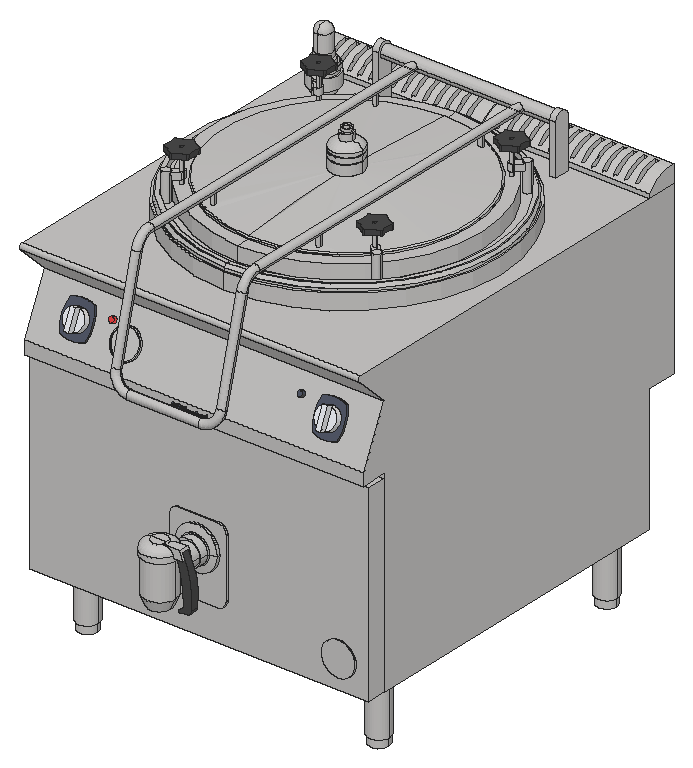
Revit family "QF_ELECTROLUXPROFESSIONAL_391104_E9BSGHIRFC", category Specialty Equipment, Revit 2018 (continued)
Automatic sketch dimensions
  curve 261 to curve 168 = 0.996 mm
  curve 107 to curve 108 = 9.296 mm
  curve 106 to curve 104 = 16.193 mm
  curve 102 to curve 102 = 9.296 mm
  curve 262 to curve 170 = 47.451 mm
  curve 243 to curve 212 = 47.451 mm
  curve 166 to plane 19 = 67.123 mm
  curve 216 to plane 19 = 67.123 mm
  curve 103 to curve 98 = 16.193 mm
  curve 99 to curve 101 = 9.296 mm
  curve 215 to plane 19 = 50.268 mm
  curve 167 to plane 19 = 50.268 mm
  curve 168 to curve 167 = 0 mm  (x2)
  curve 169 to curve 168 = 0 mm
  curve 214 to curve 215 = 0 mm  (x2)
  curve 213 to curve 214 = 0 mm
  curve 168 to curve 261 = 1.408 mm
  curve 213 to curve 242 = 1.408 mm
  curve 168 to curve 166 = 2.05 mm
  curve 169 to curve 170 = 2.05 mm
  curve 167 to curve 166 = 0 mm
  curve 214 to curve 216 = 2.05 mm
  curve 215 to curve 216 = 0 mm
  curve 169 to curve 170 = 0 mm
  curve 214 to curve 213 = 2.05 mm
  curve 212 to curve 213 = 0 mm
  curve 214 to curve 213 = 2.922 mm
  curve 170 to curve 169 = 0.873 mm
  curve 214 to curve 215 = 2.922 mm
  curve 167 to curve 167 = 2.922 mm
  curve 98 to curve 142 = 10.028 mm
  plane 1 "BACK" to curve 126 = 6.761 mm
  curve 100 to curve 126 = 16.193 mm
  curve 142 to curve 143 = 14.583 mm
  curve 96 to curve 96 = 9.296 mm
  curve 213 to curve 243 = 21.354 mm
  curve 169 to curve 262 = 21.354 mm
  curve 178 to plane 19 = 24.667 mm
  curve 224 to plane 19 = 24.667 mm
  curve 177 to plane 19 = 22.73 mm
  curve 217 to plane 19 = 22.73 mm
  curve 216 to curve 217 = 0 mm
  curve 166 to curve 177 = 0 mm
  curve 262 to curve 171 = 4.166 mm
  curve 170 to curve 171 = 0 mm
  curve 243 to curve 223 = 4.166 mm
  curve 212 to curve 223 = 0 mm
  curve 224 to curve 225 = 4 mm
  curve 171 to curve 171 = 2.031 mm  (x2)
  curve 177 to curve 177 = 2.063 mm
  curve 178 to curve 179 = 4 mm
  curve 217 to curve 217 = 2.063 mm  (x2)
  curve 212 to curve 223 = 2.031 mm
  curve 223 to curve 223 = 2.031 mm
  curve 172 to curve 171 = 0 mm
  curve 222 to curve 223 = 0 mm
  curve 177 to curve 176 = 2.063 mm
  curve 177 to curve 176 = 0 mm
  curve 218 to curve 217 = 0 mm
  curve 218 to curve 259 = 2.209 mm
  curve 176 to curve 259 = 2.209 mm
  plane 1 "BACK" to curve 91 = 6.761 mm
  curve 91 to plane 19 = 15.43 mm
  curve 180 to plane 19 = 8.37 mm
  curve 226 to plane 19 = 8.171 mm
  curve 93 to plane 19 = 6.135 mm
  plane 19 to curve 173 = 6.011 mm
  plane 19 to curve 219 = 6.011 mm
  plane 19 to curve 221 = 6.011 mm
  plane 19 to curve 175 = 6.011 mm
  curve 221 to curve 222 = 0.873 mm
  curve 219 to curve 218 = 0.873 mm
  curve 173 to curve 173 = 0.873 mm
  curve 175 to curve 176 = 0.873 mm
  curve 175 to curve 176 = 0 mm
  curve 219 to curve 218 = 0 mm
  curve 172 to curve 173 = 0 mm
  curve 221 to curve 222 = 0 mm
  curve 175 to curve 260 = 2.012 mm
  curve 219 to curve 260 = 2.012 mm
  curve 173 to curve 180 = 1.788 mm
  curve 222 to curve 226 = 1.895 mm
  curve 226 to curve 221 = 0.155 mm
  curve 220 to curve 221 = 0 mm
  curve 180 to curve 173 = 0.261 mm
  curve 174 to curve 173 = 0 mm
  curve 175 to curve 174 = 2.922 mm
  curve 219 to curve 220 = 2.922 mm
  curve 219 to curve 220 = 0 mm
  curve 175 to curve 174 = 0 mm
  plane 19 to curve 89 = 10.058 mm
  curve 88 to curve 87 = 9.296 mm
  plane 19 to curve 172 = 25.788 mm
  plane 19 to curve 222 = 25.788 mm
  curve 87 to curve 82 = 16.193 mm
  curve 82 to curve 85 = 9.296 mm
  plane 1 "BACK" to curve 78 = 6.761 mm
  curve 84 to curve 78 = 16.193 mm
  curve 80 to curve 80 = 9.296 mm
  curve 74 to plane 16 = 6.513 mm
  plane 14 to curve 74 = 0.809 mm
  curve 73 to plane 15 = 15.001 mm
  curve 72 to curve 72 = 9.296 mm
  plane 4 "RIGHT" to curve 2 = 50 mm
  curve 164 to curve 165 = 19.044 mm
  curve 162 to curve 155 = 1.575 mm
  curve 159 to curve 158 = 1.575 mm
  curve 252 to curve 228 = 9.913 mm
  curve 253 to curve 254 = 8.924 mm
  curve 251 to plane 12 = 3.273 mm
  curve 246 to plane 12 = 3.273 mm
  plane 12 to curve 245 = 7.418 mm
  plane 12 to curve 255 = 14.168 mm
  curve 250 to curve 249 = 9.667 mm
  curve 245 to curve 244 = 9.667 mm
  curve 230 to curve 248 = 8.036 mm
  curve 255 to curve 262 = 8.036 mm
  curve 230 to curve 256 = 32.108 mm
  curve 172 to curve 262 = 51.031 mm
  curve 195 to curve 193 = 25.162 mm
  curve 180 to curve 178 = 25.162 mm
  curve 264 to curve 185 = 4.689 mm
  curve 197 to curve 257 = 6.038 mm
  curve 225 to curve 226 = 20.194 mm
  curve 257 to curve 241 = 9.125 mm
  curve 258 to curve 240 = 8.036 mm
  curve 127 to curve 127 = 35 mm
  curve 127 to curve 129 = 5 mm
  curve 129 to curve 134 = 5 mm
  curve 239 to curve 238 = 9.454 mm
  plane 20 to curve 143 = 9.515 mm
  curve 146 to curve 147 = 30 mm
  curve 147 to curve 144 = 2.394 mm
  curve 147 to curve 148 = 2.394 mm
  plane 20 to curve 8 = 57.15 mm
  curve 237 to curve 58 = 50.222 mm
  curve 155 to curve 111 = 50.222 mm
  curve 142 to curve 91 = 17.828 mm
  curve 111 to curve 109 = 0 mm
  curve 148 to curve 48 = 17.828 mm
  curve 8 to curve 15 = 4.965 mm
  curve 16 to curve 18 = 0 mm
  curve 235 to curve 125 = 50.222 mm
  curve 148 to curve 45 = 17.828 mm
  curve 41 to curve 42 = 0 mm
  curve 18 to curve 23 = 0 mm
  curve 32 to curve 39 = 0 mm
  curve 58 to curve 63 = 0 mm
  curve 64 to curve 66 = 0 mm
  curve 95 to curve 90 = 0 mm
  curve 90 to curve 89 = 0 mm
  curve 98 to curve 96 = 0 mm
  curve 26 to curve 31 = 0 mm
  curve 32 to curve 37 = 0 mm
  curve 57 to curve 58 = 0 mm
  curve 114 to curve 112 = 0 mm
  curve 106 to curve 105 = 0 mm
  curve 50 to curve 55 = 0 mm
  curve 119 to curve 114 = 0 mm
  curve 87 to curve 79 = 0.974 mm
  curve 87 to curve 83 = 0.974 mm
  curve 79 to curve 77 = 0 mm
  curve 74 to curve 73 = 0 mm
  plane 1 "BACK" to curve 73 = 6.761 mm
  plane 1 "BACK" to curve 75 = 6.761 mm
  plane 1 "BACK" to curve 83 = 6.761 mm
  plane 1 "BACK" to curve 86 = 6.761 mm
  plane 1 "BACK" to curve 99 = 6.761 mm
  plane 1 "BACK" to curve 65 = 6.761 mm
  plane 1 "BACK" to curve 102 = 6.761 mm
  plane 1 "BACK" to curve 57 = 6.761 mm
  plane 1 "BACK" to curve 53 = 6.761 mm
  plane 1 "BACK" to curve 123 = 6.761 mm
  plane 1 "BACK" to curve 31 = 6.761 mm
  plane 1 "BACK" to curve 49 = 6.761 mm
  plane 1 "BACK" to curve 19 = 6.761 mm
  plane 1 "BACK" to curve 41 = 6.761 mm
  plane 1 "BACK" to curve 35 = 6.761 mm
  curve 2 to plane 1 "BACK" = 50 mm
  Extrusion 8 sketch curve to Extrusion 5 = 66.87 mm
  Extrusion 8 sketch curve to Extrusion 5 = 126.87 mm
  Extrusion 5 to Extrusion 8 sketch curve = 70.027 mm
  Extrusion 5 to Extrusion 8 sketch curve = 284.973 mm
  Extrusion 23 sketch curve to Extrusion 5 = 47 mm  (x2)
  plane 5 "FRONT" to Extrusion 24 sketch curve = 0 mm  (x2)
  Extrusion 24 sketch curve to plane 3 "LEFT" = 0 mm
  plane 1 "BACK" to Extrusion 24 sketch curve = 0 mm
  Extrusion 24 sketch curve to plane 4 "RIGHT" = 0 mm
  Extrusion 24 sketch curve to plane 3 "LEFT" = 50 mm
  plane 4 "RIGHT" to Extrusion 24 sketch curve = 50 mm
  Extrusion 24 sketch curve to plane 1 "BACK" = 50 mm
  Extrusion 38 sketch curve to Extrusion 5 = 29 mm
  plane 8 "Center X" to Revolve 40 sketch curve = 88.898 mm
  Revolve 40 sketch curve to plane 11 = 146.808 mm
  Revolve 40 sketch curve to Revolve 40 sketch curve = 5 mm
  Revolve 40 sketch curve to Revolve 40 sketch curve = 4.913 mm
  Revolve 40 sketch curve to Revolve 40 sketch curve = 13.837 mm
  Revolve 40 sketch curve to Revolve 40 sketch curve = 24.332 mm
  Revolve 40 sketch curve to Revolve 40 sketch curve = 29.332 mm
  Revolve 40 sketch curve to Revolve 40 sketch curve = 2.777 mm  (x2)
  Revolve 40 sketch curve to Revolve 40 sketch curve = 288.723 mm
  Revolve 40 sketch curve to Revolve 40 sketch curve = 0 mm
  Revolve 40 sketch curve to Revolve 40 sketch curve = 2509.206 mm
  Revolve 40 sketch curve to Revolve 40 sketch curve = 37.198 mm
  Revolve 40 sketch curve to Revolve 40 sketch curve = 1.927 mm
  Revolve 40 sketch curve to Revolve 40 sketch curve = 40.825 mm
  Revolve 40 sketch curve to Revolve 40 sketch curve = 5.725 mm
  Revolve 40 sketch curve to Revolve 40 sketch curve = 8.509 mm
  Revolve 40 sketch curve to Revolve 40 sketch curve = 1.804 mm
  Revolve 40 sketch curve to Revolve 40 sketch curve = 35.657 mm
  Revolve 40 sketch curve to Revolve 40 sketch curve = 3.37 mm
  Revolve 40 sketch curve to Revolve 40 sketch curve = 6.257 mm
  Extrusion 41 sketch curve to plane 18 = 124.074 mm  (x2)
  Extrusion 41 sketch curve to plane 19 = 124.074 mm  (x2)
  Extrusion 41 sketch curve to Extrusion 41 sketch curve = 0 mm  (x2)
  Extrusion 41 sketch curve to Extrusion 41 sketch curve = 478.257 mm
  Revolve 42 sketch curve to plane 7 "Center Y" = 0 mm  (x2)
  plane 7 "Center Y" to Revolve 42 sketch curve = 6.853 mm
  plane 7 "Center Y" to Revolve 42 sketch curve = 9.619 mm
  plane 7 "Center Y" to Revolve 42 sketch curve = 10.424 mm
  Revolve 42 sketch curve to Revolve 42 sketch curve = 5 mm  (x5)
  plane 7 "Center Y" to Revolve 42 sketch curve = 26.874 mm
  Revolve 42 sketch curve to Revolve 42 sketch curve = 24.24 mm
  Revolve 42 sketch curve to Revolve 42 sketch curve = 0 mm  (x2)
  Revolve 42 sketch curve to Revolve 42 sketch curve = 2.21 mm  (x2)
  Revolve 42 sketch curve to Revolve 42 sketch curve = 10 mm
  Revolve 42 sketch curve to Revolve 42 sketch curve = 16.26 mm
  Revolve 42 sketch curve to Revolve 42 sketch curve = 22.675 mm
  Revolve 42 sketch curve to Revolve 42 sketch curve = 2.956 mm  (x2)
  Revolve 42 sketch curve to Revolve 42 sketch curve = 4.59 mm
  Revolve 42 sketch curve to Revolve 42 sketch curve = 11.003 mm
  Revolve 42 sketch curve to Revolve 42 sketch curve = 7.062 mm
  Revolve 42 sketch curve to Revolve 42 sketch curve = 13.329 mm
  Revolve 42 sketch curve to Revolve 42 sketch curve = 2.791 mm
  Sweep 44 sketch curve to profile plane = 0 mm  (x2)
  curve 155 to curve 154 = 19 mm
  curve 132 to plane 20 = 0 mm
  curve 131 to plane 13 = 19 mm
  curve 133 to curve 131 = 6.817 mm
  curve 200 to curve 257 = 0.996 mm
  radius of Extrusion 10 sketch curve = 25.4 mm  (x2)
  radius of Extrusion 11 sketch curve to Extrusion 10 = 0 mm  (x4)
  radius of Extrusion 12 sketch curve = 6.35 mm
  radius of Extrusion 13 sketch curve = 6.35 mm
  radius of Extrusion 20 sketch curve = 5 mm  (x4)
  radius of Extrusion 26 sketch curve = 15 mm
  radius of Extrusion 28 sketch curve = 35 mm
  radius of Extrusion 29 sketch curve to Extrusion 28 = 2 mm
  radius of Split face 1 sketch curve to Extrusion 29 = 30.65 mm  (x2)
  radius of Extrusion 31 sketch curve = 9.5 mm  (x4)
  radius of Extrusion 33 sketch curve = 4 mm  (x4)
  radius of Sweep 43 sketch curve = 9.5 mm
  radius of Extrusion 8 sketch curve = 40 mm
  radius of Extrusion 8 sketch curve = 20 mm
  radius of Extrusion 21 sketch curve = 6.35 mm
  radius of Extrusion 22 sketch curve = 6.35 mm
  radius of Extrusion 23 sketch curve = 9.5 mm  (x2)
  radius of Extrusion 38 sketch curve = 4 mm
  radius of Extrusion 41 sketch curve = 5 mm  (x4)
  radius of Sweep 44 sketch curve = 9.5 mm
Connectors
  electrical at (729, -721, 137), driven by "Volts", driven by "Watts"
    settings: on Extrusion 22, index 1, voltage 230 V, apparent load 0 VA, apparent load phase1 0 VA, apparent load phase2 0 VA, apparent load phase3 0 VA, power factor 1, load classification "Other", number of poles 1, system type 30, power factor state 1, is connector primary yes, connector utility no, sub classification motor no, connector description "ELECTRICAL CONNECTION"
  piping at (746, -655, 137), diameter 12.8
    settings: on Extrusion 21, index 2, connector inside diameter 0.50394", connector length 0 mm, flow factor 0, pipe flow 0 GPM, pressure drop 0.00 psi, fitting loss kfactor 0, connector angle 0.00°, fixture units 0, engagement length 0 mm, angle of deflection 0.00°, flow configuration 1, flow direction 1, fitting loss method 0, system type 7, joint type 0, gender type 0, connector reference index -1, connector utility 0, adjustable connector no, is connector primary yes, connector description "GAS CONNECTION"
  piping at (47, -646, 137), diameter 19
    settings: on Extrusion 23, index 3, connector inside diameter 0.74803", connector length 0 mm, flow factor 0, pipe flow 0 GPM, pressure drop 0.00 psi, fitting loss kfactor 0, connector angle 0.00°, fixture units 0, engagement length 0 mm, angle of deflection 0.00°, flow configuration 1, flow direction 1, fitting loss method 0, system type 19, joint type 0, gender type 0, connector reference index -1, connector utility 0, adjustable connector no, is connector primary no, connector description "HOT WATER INLET"
  piping at (47, -716, 137), diameter 19
    settings: on Extrusion 23, index 4, connector inside diameter 0.74803", connector length 0 mm, flow factor 0, pipe flow 0 GPM, pressure drop 0.00 psi, fitting loss kfactor 0, connector angle 0.00°, fixture units 0, engagement length 0 mm, angle of deflection 0.00°, flow configuration 1, flow direction 1, fitting loss method 0, system type 20, joint type 0, gender type 0, connector reference index -1, connector utility 0, adjustable connector no, is connector primary no, connector description "COLD WATER INLET"
